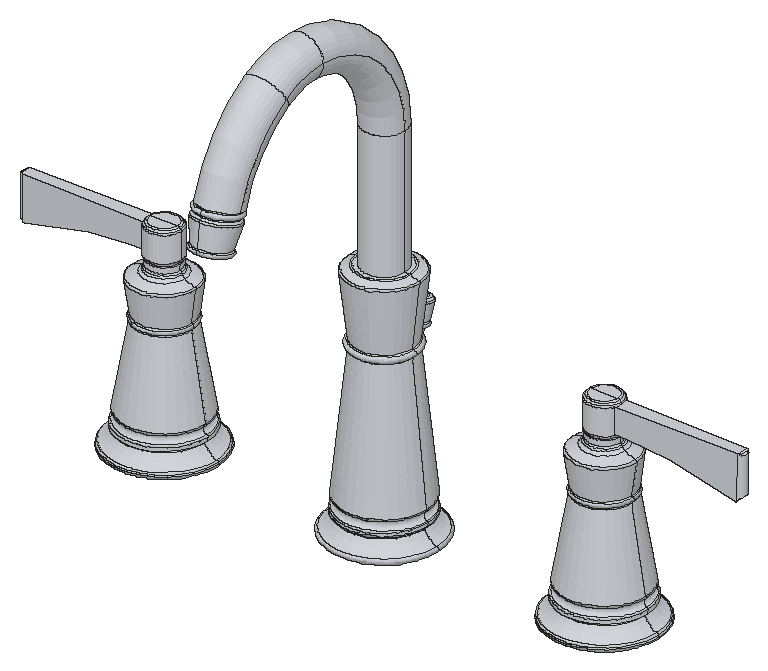
Revit family "Faucet-Lavatory-KOHLER-ARCHER-K-7503T", category Plumbing Fixtures, host Face, Revit 2017 (continued)
Definition of nested family "K-7503T_Handle"
  Lines and regions (in)
    Masking region 3
      outline origin (0, 0, 0) x (0, 1, 0) y (0, 0, 1)
        loop
          line (-0.95436, 0) -> (0, 0)
    symbolic lines, detail levels medium+fine
      curve 1: line (-1.05275, 0.12162, 0) -> (-0.28123, 0.13509, 0)
      curve 2: circle (0, 0, 0) r 0.31248 normal (0, 0, 1)
      curve 3: circle (0, 0, 0) r 0.29528 normal (0, 0, 1)
      curve 4: arc (0.79, 0, 0) -> (0.0634, 0.78745, 0) -> (-0.77982, 0.12639, 0) r 0.79
      curve 5: arc (0.75691, 0, 0) -> (0.06371, 0.75422, 0) -> (-0.74618, 0.12698, 0) r 0.75691
      curve 6: arc (0.57929, 0, 0) -> (0.06549, 0.57557, 0) -> (-0.56448, 0.13015, 0) r 0.57929
      curve 7: arc (0.79, 0, 0) -> (0.0634, -0.78745, 0) -> (-0.77982, -0.12639, 0) r 0.79
      curve 8: arc (0.75691, 0, 0) -> (0.06371, -0.75422, 0) -> (-0.74618, -0.12698, 0) r 0.75691
      curve 9: arc (0.57929, 0, 0) -> (0.06549, -0.57557, 0) -> (-0.56448, -0.13015, 0) r 0.57929
      curve 10: line (-1.05275, -0.12162, 0) -> (-0.28177, -0.13508, 0)
      curve 11: arc (0.5563, 0, 0) -> (0.06574, 0.5524, 0) -> (-0.54076, 0.13056, 0) r 0.5563
      curve 12: arc (0.5563, 0, 0) -> (0.06574, -0.5524, 0) -> (-0.54076, -0.13056, 0) r 0.5563
      curve 13: line (-0.29045, 0.11524, 0) -> (-2.49199, 0.07681, 0)
      curve 14: arc (-2.49199, 0.07681, 0) -> (-2.56747, 0, 0) -> (-2.49199, -0.07681, 0) r 0.07683
      curve 15: line (-2.49199, -0.07681, 0) -> (-0.29045, -0.11524, 0)
      curve 16: line (-2.49199, 0.07681, 0) -> (-2.46802, 0.09692, 0)
      curve 17: line (-2.49199, -0.07681, 0) -> (-2.46802, -0.09692, 0)
      curve 18: line (-0.98363, 0, 0.03614) -> (0.98363, 0, 0.03614)
      curve 19: line (0.97718, 0, 0.06652) -> (-0.97718, 0, 0.06652)
      curve 20: line (-0.95342, 0, 0.0954) -> (0.95342, 0, 0.0954)
      curve 21: line (-0.66407, 0, 0.31102) -> (0.66407, 0, 0.31102)
      curve 22: line (-0.63571, 0, 0.35039) -> (0.63571, 0, 0.35039)
      curve 23: line (-0.79, 0, 0.41345) -> (0.79, 0, 0.41345)
      curve 24: line (0.76745, 0, 0.44365) -> (-0.76745, 0, 0.44365)
      curve 25: line (-0.74314, 0, 0.58588) -> (0.74314, 0, 0.58588)
      curve 26: line (-0.75568, 0, 0.61686) -> (0.75568, 0, 0.61686)
      curve 27: line (-0.50213, 0, 2.05484) -> (0.50213, 0, 2.05484)
      curve 28: line (-0.51412, 0, 2.08544) -> (0.51412, 0, 2.08544)
      curve 29: line (-0.5131, 0, 2.14606) -> (0.5131, 0, 2.14606)
      curve 30: line (-0.50011, 0, 2.17615) -> (0.50011, 0, 2.17615)
      curve 31: line (-0.57913, 0, 2.73839) -> (0.57913, 0, 2.73839)
      curve 32: line (0.56025, 0, 2.77177) -> (-0.56025, 0, 2.77177)
      curve 33: line (-0.37501, 0, 2.8504) -> (0.37501, 0, 2.8504)
      curve 34: line (-0.32171, 0, 2.901) -> (0.32171, 0, 2.901)
      curve 35: line (-0.30342, 0, 2.92792) -> (0.30342, 0, 2.92792)
      curve 36: line (-0.29, 0, 2.96256) -> (0.29, 0, 2.96256)
      curve 37: line (-0.29, 0, 3.06207) -> (0.29, 0, 3.06207)
      curve 38: line (-0.29965, 0, 3.09107) -> (0.29965, 0, 3.09107)
      curve 39: line (-0.31249, 0, 3.12969) -> (0.31249, 0, 3.12969)
      curve 40: line (-0.30573, 0, 3.61636) -> (-0.30573, 0, 3.23839)
      curve 41: line (-0.34426, 0, 3.60039) -> (-0.34426, 0, 3.15981)
      curve 42: line (0.31249, 0, 3.59328) -> (-2.53985, 0, 3.59328)
      curve 43: line (0.30096, 0, 3.62112) -> (-0.30096, 0, 3.62112)
      curve 44: line (-0.27227, 0, 3.64981) -> (0.27227, 0, 3.64981)
      curve 45: arc (-2.57508, 0, 2.90999) -> (-1.90714, 0, 3.08138) -> (-1.22724, 0, 3.19648) r 8.26438
      curve 46: arc (-1.22724, 0, 3.19648) -> (-0.85097, 0, 3.2319) -> (-0.4732, 0, 3.24309) r 5.88339
      curve 47: arc (-0.4732, 0, 3.24309) -> (-0.40872, 0, 3.24229) -> (-0.34426, 0, 3.24023) r 3.28258
      curve 48: arc (-0.30573, 0, 3.23839) -> (-0.30744, 0, 3.18918) -> (-0.31256, 0, 3.1402) r 0.70848
      curve 49: arc (-0.34426, 0, 3.24023) -> (-0.32296, 0, 3.22834) -> (-0.30627, 0, 3.21055) r 0.07935
      curve 50: arc (-2.58661, 0, 2.93783) -> (-1.91485, 0, 3.11039) -> (-1.23101, 0, 3.22623) r 8.29437
      curve 51: arc (-1.231, 0, 3.22617) -> (-0.85281, 0, 3.26176) -> (-0.47312, 0, 3.27301) r 5.91332
      curve 52: arc (-0.47312, 0, 3.27301) -> (-0.38939, 0, 3.27174) -> (-0.30573, 0, 3.26835) r 3.3125
      curve 53: arc (-2.49088, 0, 2.82579) -> (-1.96692, 0, 2.97145) -> (-1.43214, 0, 3.07022) r 6.14616
      curve 54: line (-1.43214, 0, 3.07022) -> (-1.0422, 0, 3.12453)
      curve 55: arc (-1.0422, 0, 3.12453) -> (-0.67637, 0, 3.16193) -> (-0.30879, 0, 3.17258) r 5.04192
      curve 56: line (-2.43475, 0, 3.60039) -> (-2.43475, 0, 2.82071)
      curve 57: line (-2.57269, 0, 3.5708) -> (-0.30573, 0, 3.5708)
      curve 58: line (-2.58661, 0, 3.54076) -> (-0.30573, 0, 3.54076)
      curve 59: line (-0.72817, 0, 0.2939) -> (0.72817, 0, 0.2939)
      curve 60: line (0, 0.98363, 0.03614) -> (0, -0.98363, 0.03614)
      curve 61: line (0, -0.97718, 0.06652) -> (0, 0.97718, 0.06652)
      curve 62: line (0, 0.95342, 0.0954) -> (0, -0.95342, 0.0954)
      curve 63: line (0, 0.72817, 0.2939) -> (0, -0.72817, 0.2939)
      curve 64: line (0, -0.66407, 0.31102) -> (0, 0.66407, 0.31102)
      curve 65: line (0, 0.63571, 0.35039) -> (0, -0.63571, 0.35039)
      curve 66: line (0, 0.79, 0.41345) -> (0, -0.79, 0.41345)
      curve 67: line (0, 0.76745, 0.44365) -> (0, -0.76745, 0.44365)
      curve 68: line (0, 0.74314, 0.58588) -> (0, -0.74314, 0.58588)
      curve 69: line (0, 0.75568, 0.61686) -> (0, -0.75568, 0.61686)
      curve 70: line (0, 0.50213, 2.05484) -> (0, -0.50213, 2.05484)
      curve 71: line (0, 0.51412, 2.08544) -> (0, -0.51412, 2.08544)
      curve 72: line (0, 0.5131, 2.14606) -> (0, -0.5131, 2.14606)
      curve 73: line (0, 0.50011, 2.17615) -> (0, -0.50011, 2.17615)
      curve 74: line (0, 0.56025, 2.77177) -> (0, -0.56025, 2.77177)
      curve 75: line (0, 0.57913, 2.73839) -> (0, -0.57913, 2.73839)
      curve 76: line (0, 0.30096, 3.62112) -> (0, -0.30096, 3.62112)
      curve 77: line (0, 0.27227, 3.64981) -> (0, -0.27227, 3.64981)
      curve 78: line (0, -0.13508, 3.16165) -> (0, -0.13508, 3.60039)
      curve 79: spline (0, -0.11765, 3.08408) -> (0, -0.11626, 3.07324) -> (0, -0.11488, 3.06138) -> (0, -0.11349, 3.0485) -> (0, -0.11211, 3.0346) -> (0, -0.11073, 3.01969) -> (0, -0.10935, 3.00376) -> (0, -0.10798, 2.98682) -> (0, -0.10662, 2.96887) -> (0, -0.10525, 2.94992) -> (0, -0.10389, 2.92996) -> (0, -0.10254, 2.90901) -> (0, -0.10119, 2.88706)
      curve 80: line (0, 0.13508, 3.60039) -> (0, -0.13508, 3.60039)
      curve 81: line (0, -0.13508, 3.59328) -> (0, -0.31249, 3.59328)
      curve 82: line (0, -0.12507, 3.12969) -> (0, -0.31249, 3.12969)
      curve 83: line (0, -0.11862, 3.09107) -> (0, -0.29965, 3.09107)
      curve 84: line (0, -0.11495, 3.06207) -> (0, -0.29, 3.06207)
      curve 85: line (0, -0.10615, 2.96256) -> (0, -0.29, 2.96256)
      curve 86: line (0, -0.10204, 2.901) -> (0, -0.32171, 2.901)
      curve 87: line (0, -0.10376, 2.92792) -> (0, -0.30342, 2.92792)
      curve 88: line (0, -0.09722, 2.8504) -> (0, -0.37501, 2.8504)
      curve 89: spline (0, -0.13508, 3.16165) -> (0, -0.13362, 3.1591) -> (0, -0.13217, 3.15584) -> (0, -0.13071, 3.15186) -> (0, -0.12926, 3.14717) -> (0, -0.1278, 3.14177) -> (0, -0.12635, 3.13566) -> (0, -0.1249, 3.12884) -> (0, -0.12345, 3.12131) -> (0, -0.122, 3.11306) -> (0, -0.12055, 3.10411) -> (0, -0.1191, 3.09445) -> (0, -0.11765, 3.08408)
      curve 90: line (0, -0.07681, 2.81627) -> (0, 0, 2.81627)
      curve 91: line (0, -0.09722, 2.83668) -> (0, -0.09722, 3.60039)
      curve 92: arc (0, -0.09722, 2.83668) -> (0, -0.09125, 2.82225) -> (0, -0.07681, 2.81627) r 0.02041
      curve 93: arc (0, -0.10119, 2.88706) -> (0, -0.09944, 2.86185) -> (0, -0.09722, 2.83668) r 1.35749
      curve 94: line (0, -0.11035, 3.15765) -> (0, -0.11035, 3.60039)
      curve 95: line (0, -0.09722, 2.83668) -> (0, 0, 2.83668)
      curve 96: line (0, 0.13508, 3.16165) -> (0, 0.13508, 3.60039)
      curve 97: spline (0, 0.11765, 3.08408) -> (0, 0.11626, 3.07324) -> (0, 0.11488, 3.06138) -> (0, 0.11349, 3.0485) -> (0, 0.11211, 3.0346) -> (0, 0.11073, 3.01969) -> (0, 0.10935, 3.00376) -> (0, 0.10798, 2.98682) -> (0, 0.10662, 2.96887) -> (0, 0.10525, 2.94992) -> (0, 0.10389, 2.92996) -> (0, 0.10254, 2.90901) -> (0, 0.10119, 2.88706)
      curve 98: line (0, 0.13508, 3.59328) -> (0, 0.31249, 3.59328)
      curve 99: line (0, 0.12507, 3.12969) -> (0, 0.31249, 3.12969)
      curve 100: line (0, 0.11862, 3.09107) -> (0, 0.29965, 3.09107)
      curve 101: line (0, 0.11495, 3.06207) -> (0, 0.29, 3.06207)
      curve 102: line (0, 0.10615, 2.96256) -> (0, 0.29, 2.96256)
      curve 103: line (0, 0.10204, 2.901) -> (0, 0.32171, 2.901)
      curve 104: line (0, 0.10376, 2.92792) -> (0, 0.30342, 2.92792)
      curve 105: line (0, 0.09722, 2.8504) -> (0, 0.37501, 2.8504)
      curve 106: spline (0, 0.13508, 3.16165) -> (0, 0.13362, 3.1591) -> (0, 0.13217, 3.15584) -> (0, 0.13071, 3.15186) -> (0, 0.12926, 3.14717) -> (0, 0.1278, 3.14177) -> (0, 0.12635, 3.13566) -> (0, 0.1249, 3.12884) -> (0, 0.12345, 3.12131) -> (0, 0.122, 3.11306) -> (0, 0.12055, 3.10411) -> (0, 0.1191, 3.09445) -> (0, 0.11765, 3.08408)
      curve 107: line (0, 0.07681, 2.81627) -> (0, 0, 2.81627)
      curve 108: line (0, 0.09722, 2.83668) -> (0, 0.09722, 3.60039)
      curve 109: arc (0, 0.09722, 2.83668) -> (0, 0.09125, 2.82225) -> (0, 0.07681, 2.81627) r 0.02041
      curve 110: arc (0, 0.10119, 2.88706) -> (0, 0.09944, 2.86185) -> (0, 0.09722, 2.83668) r 1.35749
      curve 111: line (0, 0.1111, 3.158) -> (0, 0.1111, 3.60039)
      curve 112: line (0, 0.09722, 2.83668) -> (0, 0, 2.83668)
      curve 113: arc (0, 0.13508, 3.16165) -> (0, 0.11289, 3.15981) -> (0, 0.09722, 3.144) r 0.03214
      curve 114: arc (0, -0.13508, 3.16165) -> (0, -0.11289, 3.15981) -> (0, -0.09722, 3.144) r 0.03214
  Dimensions and locks (in)
    plane 3 "Center (Left/Right)" to plane 4 = 2.58661"
    plane 5 to level = 3.66142"
    plane 6 to plane 7 = 1.9685"
    plane 8 to plane 9 = 1.9685"
    aligned and locked: plane 2 to level
Types (3): name | Type | Product Page URL | Model | Finish
  (no name) | 1 | "https://www.kohler.com.cn/en/product/K-7503T-4-CP/K-7503T-4-CP/" | "K-7503T-4-CP" | Kohler-Metal-CP-Polished_Chrome
  CP- Polished chrome | 1 | "https://www.kohler.com.cn/en/product/K-7503T-4-CP/K-7503T-4-CP/" | "K-7503T-4-CP" | Kohler-Metal-CP-Polished_Chrome
  AF- Flange gold | 2 | "https://www.kohler.com.cn/en/product/K-7503T-4-CP/K-7503T-4-AF/" | "K-7503T-4-AF" | Kohler-Metal-AF-Flange_Gold
